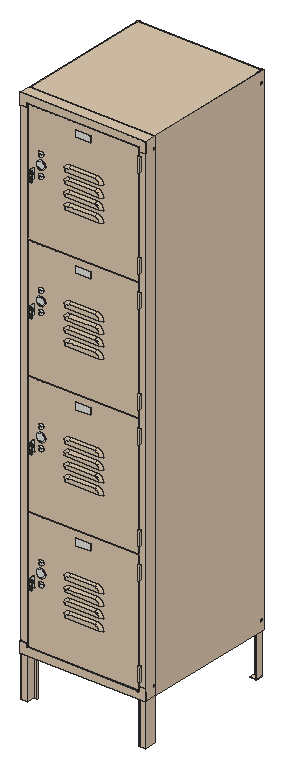
Revit family "Metal_Lockers-Salsbury_Industries-18_54000_Series-1_Wide_Units", category Specialty Equipment, Revit 2026 (continued)
Definition of nested family "Metal Locker Doors-18 inch with Latch Hasps"
  Forms (in)
    Extrusion 3, void
      from -0.163 to 0.163
    Extrusion 4, solid, material <- "Primary Structure Material", visible <- "Visible", detail levels fine
      sketch origin (0, 0, 16.235) x (0, -1, 0) y (1, 0, 0)
        loop
          line (0.45, 7.9505) -> (0.575, 7.9505)
          arc (0.575, 7.9505) -> (0.7, 8.0755) -> (0.575, 8.2005) r 0.125
          line (0.575, 8.2005) -> (0.45, 8.2005) -> (0.45, 7.9505)
      from 0 to -2
    Extrusion 5, solid, material <- "Primary Structure Material", visible <- "Visible", detail levels fine
      sketch origin (0, 0, 3.218) x (0, -1, 0) y (1, 0, 0)
        loop
          line (0.45, 7.9505) -> (0.575, 7.9505)
          arc (0.575, 7.9505) -> (0.7, 8.0755) -> (0.575, 8.2005) r 0.125
          line (0.575, 8.2005) -> (0.45, 8.2005) -> (0.45, 7.9505)
      from 0 to -2
    Extrusion 6, void
      sketch origin (0, -0.45, 0) x (1, 0, 0) y (0, 0, 1)
        loop
          line (-7.263, 9.399) -> (-7.263, 7.961) -> (-7.013, 7.961) -> (-7.013, 9.399) -> (-7.263, 9.399)
      from -0.9 to 0
    Blend 7, solid, material <- "Primary Structure Material", visible <- "Visible"
      base sketch origin (0.875, -0.45, 3.057) x (1, 0, 0) y (0, 0, 1)
        loop
          line (-3.75, 7.593) -> (2, 7.593)
          arc (2, 7.593) -> (1.70711, 8.30011) -> (1, 8.593) r 1
          line (1, 8.593) -> (-2.75, 8.593)
          arc (-2.75, 8.593) -> (-3.45711, 8.30011) -> (-3.75, 7.593) r 1
      top sketch origin (0.875, -0.6375, 3.057) x (1, 0, 0) y (0, 0, 1)
        loop
          line (-3.30734, 7.593) -> (1.55734, 7.593)
          arc (1.55734, 7.593) -> (1.39259, 7.99075) -> (0.99484, 8.1555) r 0.5625
          line (0.99484, 8.1555) -> (-2.74484, 8.1555)
          arc (-2.74484, 8.1555) -> (-3.14259, 7.99075) -> (-3.30734, 7.593) r 0.5625
      from 0 to 0
    Blend 8, solid, material <- "Primary Structure Material", visible <- "Visible"
      base sketch origin (0.875, -0.45, 4.501) x (1, 0, 0) y (0, 0, 1)
        loop
          line (-3.75, 4.524) -> (2, 4.524)
          arc (2, 4.524) -> (1.70711, 5.23111) -> (1, 5.524) r 1
          line (1, 5.524) -> (-2.75, 5.524)
          arc (-2.75, 5.524) -> (-3.45711, 5.23111) -> (-3.75, 4.524) r 1
      top sketch origin (0.875, -0.6375, 4.501) x (1, 0, 0) y (0, 0, 1)
        loop
          line (-3.30734, 4.524) -> (1.55734, 4.524)
          arc (1.55734, 4.524) -> (1.39612, 4.91321) -> (1.00691, 5.07443) r 0.55043
          line (1.00691, 5.07443) -> (-2.75691, 5.07443)
          arc (-2.75691, 5.07443) -> (-3.14612, 4.91321) -> (-3.30734, 4.524) r 0.55043
      from 0 to 0
    Blend 9, solid, material <- "Primary Structure Material", visible <- "Visible"
      base sketch origin (0.875, -0.45, -0.193) x (1, 0, 0) y (0, 0, 1)
        loop
          line (-3.75, 7.593) -> (2, 7.593)
          arc (2, 7.593) -> (1.70711, 8.30011) -> (1, 8.593) r 1
          line (1, 8.593) -> (-2.75, 8.593)
          arc (-2.75, 8.593) -> (-3.45711, 8.30011) -> (-3.75, 7.593) r 1
      top sketch origin (0.875, -0.6375, -0.193) x (1, 0, 0) y (0, 0, 1)
        loop
          line (-3.30734, 7.593) -> (1.55734, 7.593)
          arc (1.55734, 7.593) -> (1.40401, 7.96317) -> (1.03384, 8.1165) r 0.5235
          line (1.03384, 8.1165) -> (-2.78384, 8.1165)
          arc (-2.78384, 8.1165) -> (-3.15401, 7.96317) -> (-3.30734, 7.593) r 0.5235
      from 0 to 0
    Blend 10, solid, material <- "Primary Structure Material", visible <- "Visible"
      base sketch origin (0.875, -0.45, 1.251) x (1, 0, 0) y (0, 0, 1)
        loop
          line (-3.75, 4.524) -> (2, 4.524)
          arc (2, 4.524) -> (1.70711, 5.23111) -> (1, 5.524) r 1
          line (1, 5.524) -> (-2.75, 5.524)
          arc (-2.75, 5.524) -> (-3.45711, 5.23111) -> (-3.75, 4.524) r 1
      top sketch origin (0.875, -0.6375, 1.251) x (1, 0, 0) y (0, 0, 1)
        loop
          line (-3.30734, 4.524) -> (1.55734, 4.524)
          arc (1.55734, 4.524) -> (1.39629, 4.9128) -> (1.00749, 5.07385) r 0.54985
          line (1.00749, 5.07385) -> (-2.75749, 5.07385)
          arc (-2.75749, 5.07385) -> (-3.14629, 4.9128) -> (-3.30734, 4.524) r 0.54985
      from 0 to 0
    Blend 11, solid, material <- "Hasp Plate Rivet Material", visible <- "Visible", detail levels medium+fine
      base sketch origin (0, -0.45, 0) x (1, 0, 0) y (0, 0, 1)
        loop
          circle (-6.076, 8.68) r 0.375
      top sketch origin (0, -0.45, 0) x (1, 0, 0) y (0, 0, 1)
        loop
          circle (-6.076, 8.68) r 0.09706
      from 0 to 0.03497
    Blend 12, solid, material <- "Hasp Plate Rivet Material", visible <- "Visible", detail levels medium+fine
      base sketch origin (0, -0.45, 2.83682) x (1, 0, 0) y (0, 0, 1)
        loop
          circle (-6.076, 8.68) r 0.375
      top sketch origin (0, -0.45, 2.83682) x (1, 0, 0) y (0, 0, 1)
        loop
          circle (-6.076, 8.68) r 0.09706
      from 0 to 0.03497
    Blend 13, solid, material <- "Hasp Plate Rivet Material", visible <- "Visible", detail levels medium+fine
      base sketch origin (0, -0.45, -0.16841) x (1, 0, 0) y (0, 0, 1)
        loop
          circle (-6.076, 10.26682) r 0.625
      top sketch origin (0, -0.45, -0.16841) x (1, 0, 0) y (0, 0, 1)
        loop
          circle (-6.076, 10.26682) r 0.58088
      from 0 to 0.03497
    Extrusion 14, solid, material <- "Hasp Plate Rivet Material", visible <- "Visible"
      sketch origin (0, 0, 7.961) x (0, -1, 0) y (1, 0, 0)
        loop
          line (-0.45, -7.07527) -> (-0.45, -7.13777) -> (1.2, -7.13777)
          arc (1.2, -7.13777) -> (1.24419, -7.11946) -> (1.2625, -7.07527) r 0.0625
          line (1.2625, -7.07527) -> (1.2625, -6.76277) -> (1.20579, -6.76277) -> (1.20579, -7.0127)
          arc (1.20579, -7.0127) -> (1.18746, -7.05694) -> (1.14322, -7.07527) r 0.06257
          line (1.14322, -7.07527) -> (-0.45, -7.07527)
      from 0 to 1.438
    Extrusion 15, solid, material <- "Hasp Plate Rivet Material", visible <- "Visible"
      sketch origin (0, 0, 7.961) x (0, -1, 0) y (1, 0, 0)
        loop
          line (-0.45, -7.20027) -> (1.2625, -7.20027) -> (1.2625, -7.13777) -> (-0.45, -7.13777) -> (-0.45, -7.20027)
      from 0 to 1.438
    Extrusion 16, void
      sketch origin (-7.013, 0, 0) x (0, 0, -1) y (0, -1, 0)
        loop
          circle (-8.68, 0.82219) r 0.375
      from 0 to 0.25
  Cuts and joins
    Extrusion 3, Extrusion 6 cuts Extrusion 1
    Extrusion 16 cuts Extrusion 14
    Extrusion 16 cuts Extrusion 15
  Lines and regions (in)
    symbolic lines
      curve 1: line (-7.9505, -0.45, 17.36) -> (7.9505, -0.45, 17.36)
      curve 2: line (-7.9505, -0.45, 0) -> (-7.9505, -0.45, 17.36)
      curve 3: line (7.9505, -0.45, 0) -> (-7.9505, -0.45, 0)
      curve 4: line (7.9505, -0.45, 17.36) -> (7.9505, -0.45, 0)
      curve 5: line (2.43234, -0.6375, 7.961) -> (2.875, -0.45, 7.961)
      curve 6: line (-2.43234, -0.6375, 7.961) -> (-2.875, -0.45, 7.961)
      curve 7: line (-2.43234, -0.6375, 7.961) -> (2.43234, -0.6375, 7.961)
      curve 8: line (-2.875, -0.45, 10.65) -> (2.875, -0.45, 10.65)
      curve 9: line (1.875, -0.45, 11.65) -> (-1.875, -0.45, 11.65)
      curve 10: line (-2.875, -0.45, 9.025) -> (2.875, -0.45, 9.025)
      curve 11: line (1.875, -0.45, 10.025) -> (-1.875, -0.45, 10.025)
      curve 12: line (-2.875, -0.45, 7.4) -> (2.875, -0.45, 7.4)
      curve 13: line (1.875, -0.45, 8.4) -> (-1.875, -0.45, 8.4)
      curve 14: line (-2.875, -0.45, 5.775) -> (2.875, -0.45, 5.775)
      curve 15: line (1.875, -0.45, 6.775) -> (-1.875, -0.45, 6.775)
      curve 16: arc (-2.875, -0.45, 10.65) -> (-2.58211, -0.45, 11.35711) -> (-1.875, -0.45, 11.65) r 1
      curve 17: arc (2.875, -0.45, 10.65) -> (2.58211, -0.45, 11.35711) -> (1.875, -0.45, 11.65) r 1
      curve 18: arc (-2.875, -0.45, 9.025) -> (-2.58211, -0.45, 9.73211) -> (-1.875, -0.45, 10.025) r 1
      curve 19: arc (2.875, -0.45, 9.025) -> (2.58211, -0.45, 9.73211) -> (1.875, -0.45, 10.025) r 1
      curve 20: arc (-2.875, -0.45, 7.4) -> (-2.58211, -0.45, 8.10711) -> (-1.875, -0.45, 8.4) r 1
      curve 21: arc (2.875, -0.45, 7.4) -> (2.58211, -0.45, 8.10711) -> (1.875, -0.45, 8.4) r 1
      curve 22: arc (-2.875, -0.45, 5.775) -> (-2.58211, -0.45, 6.48211) -> (-1.875, -0.45, 6.775) r 1
      curve 23: arc (2.875, -0.45, 5.775) -> (2.58211, -0.45, 6.48211) -> (1.875, -0.45, 6.775) r 1
      curve 24: line (-7.013, -1.2625, 9.399) -> (-7.013, -0.45, 9.399)
      curve 25: line (-7.013, -1.2625, 7.961) -> (-7.013, -0.45, 7.961)
      curve 26: line (-7.013, -1.2625, 9.399) -> (-7.013, -1.2625, 7.961)
      curve 27: line (-7.20027, -0.44719, 7.961) -> (-7.13777, -0.44719, 7.961)
      curve 28: line (-7.20027, -1.2625, 7.961) -> (-7.20027, -0.44719, 7.961)
      curve 29: line (-7.13777, -1.2625, 7.961) -> (-7.20027, -1.2625, 7.961)
      curve 30: line (-7.13777, -0.44719, 7.961) -> (-7.13777, -1.2625, 7.961)
      curve 31: line (-7.07527, -0.44719, 7.961) -> (-7.07527, -1.14322, 7.961)
      curve 32: line (-7.0127, -1.20579, 7.961) -> (-6.76277, -1.20579, 7.961)
      curve 33: line (-6.76277, -1.20579, 7.961) -> (-6.76277, -1.2625, 7.961)
      curve 34: line (-6.76277, -1.2625, 7.961) -> (-7.07527, -1.2625, 7.961)
      curve 35: arc (-7.07527, -1.2625, 7.961) -> (-7.11946, -1.24419, 7.961) -> (-7.13777, -1.2, 7.961) r 0.0625
      curve 36: arc (-7.07527, -1.14322, 7.961) -> (-7.05694, -1.18746, 7.961) -> (-7.0127, -1.20579, 7.961) r 0.06257
      curve 37: line (-7.20027, -0.45, 9.399) -> (-6.76277, -0.45, 9.399)
      curve 38: line (-7.20027, -0.45, 7.961) -> (-7.20027, -0.45, 9.399)
      curve 39: line (-6.76277, -0.45, 7.961) -> (-7.20027, -0.45, 7.961)
      curve 40: line (-6.76277, -0.45, 9.399) -> (-6.76277, -0.45, 7.961)
      curve 41: line (-7.13777, -0.45, 9.399) -> (-7.13777, -0.45, 7.961)
      curve 42: circle (-6.076, -0.45, 10.09841) r 0.625 normal (0, -1, 0)
      curve 43: circle (-6.076, -0.45, 11.51682) r 0.37228 normal (0, -1, 0)
      curve 44: circle (-6.076, -0.45, 8.68) r 0.375 normal (0, -1, 0)
  Dimensions and locks (in)
    equal spacing: plane 5 "Top of Door", plane 4 "Center (Top/Bottom)", plane 2 "Bottom of Door"
    "Height": plane 5 "Top of Door" to plane 2 "Bottom of Door"
    equal spacing: plane 8 "Front of Door", plane 1 "Center (Front/Back)", plane 9 "Back of Door"
    "Depth": plane 8 "Front of Door" to plane 9 "Back of Door"
    equal spacing: plane 7 "Left Side of Door", plane 3 "Center (Left/Right)", plane 6 "Right Side of Door"
    "Width": plane 7 "Left Side of Door" to plane 6 "Right Side of Door"
    "Number Plate Alignment": plane 5 "Top of Door" to plane 10 "Top of Number Plate" to plane 22
    equal spacing: plane 17 "Left Side of Louvers", plane 3 "Center (Left/Right)", plane 18 "Right Side of Louvers"
    "Louver Width": plane 17 "Left Side of Louvers" to plane 18 "Right Side of Louvers"
    "Louver Set Vertical Alignment": plane 5 "Top of Door" to plane 11 "Top of Top Vent 1"
    plane 11 "Top of Top Vent 1" to plane 12 "Top of Top Vent 2" to plane 13 "Top of Top Vent 3" to plane 14 "Top of Top Vent 4" = 1.625", 1.625", 1.625"
    plane 29 "Top Hasp Stud Align" to plane 28 "Center Hasp Stud Align" to plane 15 "Top of Hasp Alignment" to plane 4 "Center (Top/Bottom)" to plane 16 "Bottom of Hasp Alignment" = 1.41841", 0.69941", 0.719", 0.719"
    "Hasp Height": plane 15 "Top of Hasp Alignment" to plane 16 "Bottom of Hasp Alignment"
    locked: plane 19 "Front of Louvers" to plane 8 "Front of Door" at 0.1875
    plane 20 to plane 3 "Center (Left/Right)" to plane 21 = 1.094" locked, 1.094" locked
    "Hinge 1 Placement": plane 5 "Top of Door" to plane 25 "Top of Hinge 1"
    "Hinge 2 Placement": plane 5 "Top of Door" to plane 24 "Top of Hinge 2"
    plane 7 "Left Side of Door" to plane 26 "Left Hasp Hole Align" to plane 27 "Right Hasp Hole Align" to plane 30 "Vertical Hasp Stud Align" = 0.6875" locked, 0.250" locked, 0.937" locked
    plane 11 "Top of Top Vent 1" to plane 31 = 1.000"
    plane 12 "Top of Top Vent 2" to plane 32 = 1.000"
    plane 13 "Top of Top Vent 3" to plane 33 = 1.000"
    plane 14 "Top of Top Vent 4" to plane 34 = 1.000"
    locked: plane 36 to plane 35 "Vertical Center Hasp Align" at 0.0625
    locked: plane 35 "Vertical Center Hasp Align" to plane 37 at 0.375
    locked: plane 26 "Left Hasp Hole Align" to plane 35 "Vertical Center Hasp Align" at 0.12523
    plane 17 "Left Side of Louvers" to plane 39 = 0.44266"
    plane 38 to plane 18 "Right Side of Louvers" = 0.44266"
    aligned and locked: level to plane 2 "Bottom of Door"
    aligned and locked: plane 5 "Top of Door" to Extrusion 1 sketch curve
    aligned and locked: Extrusion 1 sketch curve to plane 7 "Left Side of Door"
    aligned and locked: Extrusion 1 sketch curve to plane 2 "Bottom of Door"
    aligned and locked: plane 6 "Right Side of Door" to Extrusion 1 sketch curve
    aligned and locked: Extrusion 6 sketch curve to plane 15 "Top of Hasp Alignment"
    aligned and locked: Extrusion 6 sketch curve to plane 26 "Left Hasp Hole Align"
    aligned and locked: plane 16 "Bottom of Hasp Alignment" to Extrusion 6 sketch curve
    aligned and locked: plane 27 "Right Hasp Hole Align" to Extrusion 6 sketch curve
    aligned and locked: plane 11 "Top of Top Vent 1" to Blend 7
    aligned and locked: plane 12 "Top of Top Vent 2" to Blend 8
    aligned and locked: plane 13 "Top of Top Vent 3" to Blend 9
    aligned and locked: plane 14 "Top of Top Vent 4" to Blend 10
    aligned and locked: Blend 7 to plane 31
    aligned and locked: Blend 7 sketch curve to plane 11 "Top of Top Vent 1"
    aligned and locked: Blend 7 sketch curve to plane 31  (x2)
    aligned and locked: Blend 8 sketch curve to plane 12 "Top of Top Vent 2"
    aligned and locked: Blend 8 sketch curve to plane 32  (x2)
    aligned and locked: Blend 9 sketch curve to plane 13 "Top of Top Vent 3"
    aligned and locked: Blend 9 sketch curve to plane 33  (x2)
    aligned and locked: Blend 10 sketch curve to plane 14 "Top of Top Vent 4"
    aligned and locked: Blend 10 sketch curve to plane 34  (x2)
    aligned and locked: plane 29 "Top Hasp Stud Align" to Blend 12 sketch curve  (x2)
    aligned and locked: plane 4 "Center (Top/Bottom)" to Blend 11 sketch curve  (x2)
    aligned and locked: plane 28 "Center Hasp Stud Align" to Blend 13 sketch curve  (x2)
    aligned and locked: plane 35 "Vertical Center Hasp Align" to Extrusion 15 sketch curve
    aligned and locked: plane 35 "Vertical Center Hasp Align" to Extrusion 14 sketch curve
    aligned and locked: plane 4 "Center (Top/Bottom)" to Extrusion 16 sketch curve
    aligned and locked: plane 36 to cut or joined group of Extrusion 15, Extrusion 16
    aligned and locked: plane 37 to cut or joined group of Extrusion 14, Extrusion 16
    aligned and locked: curve 1 to cut or joined group of Extrusion 1, Extrusion 3, Extrusion 6
    aligned and locked: curve 2 to cut or joined group of Extrusion 1, Extrusion 3, Extrusion 6
    aligned and locked: curve 3 to cut or joined group of Extrusion 1, Extrusion 3, Extrusion 6
    aligned and locked: curve 4 to cut or joined group of Extrusion 1, Extrusion 3, Extrusion 6
    aligned and locked: curve 5 to Blend 8
    aligned and locked: curve 6 to Blend 8
    aligned and locked: curve 8 to Blend 7
    aligned and locked: curve 9 to Blend 7
    aligned and locked: curve 10 to Blend 8
    aligned and locked: curve 11 to Blend 8
    aligned and locked: curve 12 to Blend 9
    aligned and locked: curve 13 to Blend 9
    aligned and locked: curve 14 to Blend 10
    aligned and locked: curve 15 to Blend 10
    aligned and locked: curve 24 to cut or joined group of Extrusion 14, Extrusion 16
    aligned and locked: curve 25 to cut or joined group of Extrusion 14, Extrusion 16
    aligned and locked: curve 26 to cut or joined group of Extrusion 14, Extrusion 16
    aligned and locked: curve 28 to cut or joined group of Extrusion 15, Extrusion 16
    aligned and locked: curve 29 to cut or joined group of Extrusion 15, Extrusion 16
    aligned and locked: cut or joined group of Extrusion 15, Extrusion 16 to curve 30
    aligned and locked: cut or joined group of Extrusion 14, Extrusion 16 to curve 31
    aligned and locked: curve 32 to cut or joined group of Extrusion 14, Extrusion 16
    aligned and locked: curve 33 to cut or joined group of Extrusion 14, Extrusion 16
    aligned and locked: curve 34 to cut or joined group of Extrusion 14, Extrusion 16
    aligned and locked: curve 37 to cut or joined group of Extrusion 15, Extrusion 16
    aligned and locked: curve 38 to cut or joined group of Extrusion 15, Extrusion 16
    aligned and locked: curve 39 to cut or joined group of Extrusion 14, Extrusion 16
    aligned and locked: curve 40 to cut or joined group of Extrusion 14, Extrusion 16
    aligned and locked: curve 41 to cut or joined group of Extrusion 14, Extrusion 16
  Automatic sketch dimensions
    Extrusion 2 sketch curve to plane 3 "Center (Left/Right)" = 0.000"  (x2)
    plane 17 "Left Side of Louvers" to Extrusion 2 sketch curve = 0.14094"
    Extrusion 2 sketch curve to plane 18 "Right Side of Louvers" = 0.14094"
    Extrusion 2 sketch curve to level = 4.03954"
    plane 25 "Top of Hinge 1" to Extrusion 2 sketch curve = 0.31079"  (x2)
    Extrusion 2 sketch curve to plane 5 "Top of Door" = 12.81272"
    Extrusion 2 sketch curve to plane 20 = 0.02553"  (x2)
    plane 21 to Extrusion 2 sketch curve = 0.02553"
    Extrusion 2 sketch curve to plane 22 = 0.03897"
    plane 13 "Top of Top Vent 3" to Extrusion 3 sketch curve = 0.06135"
    Extrusion 3 sketch curve to plane 1 "Center (Front/Back)" = 0.0313"
    Extrusion 4 sketch curve to plane 6 "Right Side of Door" = 0.000"
    plane 8 "Front of Door" to Extrusion 4 sketch curve = 0.000"
    Extrusion 4 sketch curve to plane 19 "Front of Louvers" = 0.0625"
    Extrusion 4 sketch curve to plane 6 "Right Side of Door" = 0.125"
    Extrusion 5 sketch curve to plane 6 "Right Side of Door" = 0.000"
    plane 8 "Front of Door" to Extrusion 5 sketch curve = 0.000"
    Extrusion 5 sketch curve to plane 19 "Front of Louvers" = 0.0625"
    Extrusion 5 sketch curve to plane 6 "Right Side of Door" = 0.125"
    plane 17 "Left Side of Louvers" to Blend 7 sketch curve = 0.000"
    plane 18 "Right Side of Louvers" to Blend 7 sketch curve = 0.000"
    plane 23 "Center Hasp" to Blend 7 sketch curve = 0.65684"
    plane 20 to Blend 7 sketch curve = 0.77584"
    Blend 7 sketch curve to plane 21 = 0.77584"
    plane 17 "Left Side of Louvers" to Blend 8 sketch curve = 0.000"
    plane 18 "Right Side of Louvers" to Blend 8 sketch curve = 0.000"
    plane 23 "Center Hasp" to Blend 8 sketch curve = 0.65684"
    plane 20 to Blend 8 sketch curve = 0.78791"
    Blend 8 sketch curve to plane 21 = 0.78791"
    plane 17 "Left Side of Louvers" to Blend 9 sketch curve = 0.000"
    plane 18 "Right Side of Louvers" to Blend 9 sketch curve = 0.000"
    plane 23 "Center Hasp" to Blend 9 sketch curve = 0.65684"
    plane 16 "Bottom of Hasp Alignment" to Blend 9 sketch curve = 0.0375"
    Blend 9 sketch curve to plane 21 = 0.81484"
    plane 17 "Left Side of Louvers" to Blend 10 sketch curve = 0.000"
    plane 18 "Right Side of Louvers" to Blend 10 sketch curve = 0.000"
    plane 23 "Center Hasp" to Blend 10 sketch curve = 0.65684"
    plane 20 to Blend 10 sketch curve = 0.78849"
    Blend 10 sketch curve to plane 21 = 0.78849"
    plane 30 "Vertical Hasp Stud Align" to Blend 11 sketch curve = 0.000"  (x2)
    plane 30 "Vertical Hasp Stud Align" to Blend 12 sketch curve = 0.000"  (x2)
    plane 30 "Vertical Hasp Stud Align" to Blend 13 sketch curve = 0.000"  (x2)
    Extrusion 14 sketch curve to plane 1 "Center (Front/Back)" = 0.450"
    plane 27 "Right Hasp Hole Align" to Extrusion 14 sketch curve = 0.06227"
    Extrusion 14 sketch curve to plane 27 "Right Hasp Hole Align" = 0.0003"
    plane 19 "Front of Louvers" to Extrusion 14 sketch curve = 0.50572"
    Extrusion 14 sketch curve to Extrusion 14 sketch curve = 0.05678"
    Extrusion 14 sketch curve to Extrusion 14 sketch curve = 0.24993"
    plane 9 "Back of Door" to Extrusion 15 sketch curve = 0.000"
    plane 19 "Front of Louvers" to Extrusion 15 sketch curve = 0.625"
    Extrusion 15 sketch curve to plane 26 "Left Hasp Hole Align" = 0.06273"
    Extrusion 14 sketch curve to Extrusion 14 sketch curve = 0.06257"
    plane 19 "Front of Louvers" to Extrusion 16 sketch curve = 0.18469"
    curve 24 to plane 8 "Front of Door" = 0.000"
    curve 25 to plane 8 "Front of Door" = 0.000"
    curve 6 to plane 17 "Left Side of Louvers" = 0.000"
    curve 5 to plane 18 "Right Side of Louvers" = 0.000"
    curve 5 to plane 38 = 0.000"
    curve 30 to plane 8 "Front of Door" = 0.00281"
    curve 36 to plane 27 "Right Hasp Hole Align" = 0.0003"
    curve 36 to curve 35 = 0.05678"
    curve 31 to plane 8 "Front of Door" = 0.00281"
    curve 43 to plane 29 "Top Hasp Stud Align" = 0.000"
    plane 30 "Vertical Hasp Stud Align" to curve 43 = 0.000"
    curve 42 to plane 28 "Center Hasp Stud Align" = 0.000"
    plane 30 "Vertical Hasp Stud Align" to curve 42 = 0.000"
    curve 44 to plane 4 "Center (Top/Bottom)" = 0.000"
    plane 30 "Vertical Hasp Stud Align" to curve 44 = 0.000"
    plane 17 "Left Side of Louvers" to curve 20 = 0.000"
    plane 17 "Left Side of Louvers" to curve 10 = 0.000"
    plane 17 "Left Side of Louvers" to curve 14 = 0.000"
    plane 17 "Left Side of Louvers" to curve 8 = 0.000"
    plane 18 "Right Side of Louvers" to curve 23 = 0.000"
    plane 18 "Right Side of Louvers" to curve 10 = 0.000"
    plane 18 "Right Side of Louvers" to curve 21 = 0.000"
    plane 18 "Right Side of Louvers" to curve 17 = 0.000"
    radius of Extrusion 3 sketch curve = 0.200"
    radius of Blend 11 sketch curve = 0.375"
    radius of Blend 11 sketch curve = 0.09706"
    radius of Blend 12 sketch curve = 0.375"
    radius of Blend 12 sketch curve = 0.09706"
    radius of Blend 13 sketch curve = 0.625"
    radius of Blend 13 sketch curve = 0.58088"
    radius of Extrusion 16 sketch curve = 0.375"
    radius of curve 42 = 0.625"
    radius of curve 43 = 0.37228"
    radius of curve 44 = 0.375"
Definition of nested family "Metal Locker Front Base"
  Parameters (values of type "77748 - for 18" W Lockers with Legs")
    Width = 16.013"
    Visible [instance] = yes
    Version = "1.0 (11/30/15)"
    Type Comments = "Front Base for Standard Metal Lockers"
    Primary Structure Material = none
    Model = "77748"
    MasterFormat Title = ""
    MasterFormat Number = ""
    Manufacturer = "Salsbury Industries"
    Description = "Front Base for 18\" Wide Lockers"
    Depth = 1.185"
    Height = 6.000"
    Default Elevation = 0.000"
    Assembly Code = ""
  Types (4): name | Width | Visible | Model | Description
    77742 - for 12" W Lockers with Legs | 10.040" | yes | "77742" | "Front Base for 12\" Wide Lockers"
    77745 - for 15" W Lockers with Legs | 13.013" | yes | "77745" | "Front Base for 15\" Wide Lockers"
    None | 10.040" | no | "77742" | "Front Base for 12\" Wide Lockers"
    77748 - for 18" W Lockers with Legs | 16.013" | yes | "77748" | "Front Base for 18\" Wide Lockers"
  Reference planes (in)
    plane 1 "Center (Front/Back)": y = -5.417
    plane 2: z = 0
    plane 3 "Center (Left/Right)": x = 0
    plane 4 "Floor": z = 0
    plane 5 "Top of Enclosure": z = 6
    plane 6 "Front of Enclosure": y = -6.005
    plane 7 "Right Side of Enclosure": x = 8.0065
    plane 8 "Left Side of Enclosure": x = -8.0065
    plane 9 "Back of Enclosure": y = -4.82
  Forms (in)
    Extrusion 1, solid, material <- "Primary Structure Material", visible <- "Visible"
      sketch origin (0, -6.005, 0) x (1, 0, 0) y (0, 0, 1)
        loop
          line (-8.0065, 6) -> (-8.0065, 0) -> (8.0065, 0) -> (8.0065, 6) -> (-8.0065, 6)
      from -0.06 to 0
    Extrusion 2, solid, material <- "Primary Structure Material", visible <- "Visible"
      sketch origin (0, 0, 0) x (0, 1, 0) y (0, 0, 1)
        loop
          line (-5.945, 6) -> (-5.945, 5.94) -> (-4.82, 5.94) -> (-4.82, 6) -> (-5.945, 6)
      from -8.0065 to 8.0065
    Extrusion 3, solid, material <- "Primary Structure Material", visible <- "Visible"
      sketch origin (8.0065, 0, 0) x (0, 0, -1) y (0, -1, 0)
        loop
          line (-5.75, 5.945) -> (-5.75, 4.82) -> (-0.25, 4.82) -> (-0.25, 5.945) -> (-5.75, 5.945)
      from 0 to 0.06
    Extrusion 4, solid, material <- "Primary Structure Material", visible <- "Visible"
      sketch origin (-8.0065, 0, 0) x (0, 0, -1) y (0, -1, 0)
        loop
          line (-5.75, 5.945) -> (-5.75, 4.82) -> (-0.25, 4.82) -> (-0.25, 5.945) -> (-5.75, 5.945)
      from 0 to -0.06
  Dimensions and locks (in)
    "Height": plane 5 "Top of Enclosure" to plane 4 "Floor"
    plane 6 "Front of Enclosure" to plane 1 "Center (Front/Back)" = 0.588"
    "Depth": plane 6 "Front of Enclosure" to plane 9 "Back of Enclosure"
    equal spacing: plane 8 "Left Side of Enclosure", plane 3 "Center (Left/Right)", plane 7 "Right Side of Enclosure"
    "Width": plane 8 "Left Side of Enclosure" to plane 7 "Right Side of Enclosure"
    aligned and locked: level to plane 2
    aligned and locked: plane 8 "Left Side of Enclosure" to Extrusion 2
    aligned and locked: Extrusion 2 to plane 7 "Right Side of Enclosure"
    aligned and locked: Extrusion 1 to plane 7 "Right Side of Enclosure"
  Automatic sketch dimensions
    Extrusion 1 sketch curve to Extrusion 1 sketch curve = 16.013"
    Extrusion 1 sketch curve to Extrusion 1 sketch curve = 6.000"
    Extrusion 2 sketch curve to Extrusion 2 sketch curve = 1.125"
    Extrusion 2 sketch curve to Extrusion 2 sketch curve = 0.060"
    Extrusion 3 sketch curve to Extrusion 3 sketch curve = 5.500"
    Extrusion 3 sketch curve to Extrusion 3 sketch curve = 1.125"
    Extrusion 4 sketch curve to Extrusion 4 sketch curve = 5.500"
    Extrusion 4 sketch curve to Extrusion 4 sketch curve = 1.125"
    Extrusion 1 sketch curve to level = 0.000"
    plane 8 "Left Side of Enclosure" to Extrusion 1 sketch curve = 0.000"
    plane 5 "Top of Enclosure" to Extrusion 2 sketch curve = 0.000"
    Extrusion 2 sketch curve to plane 9 "Back of Enclosure" = 0.000"
    Extrusion 3 sketch curve to plane 9 "Back of Enclosure" = 0.000"
    plane 5 "Top of Enclosure" to Extrusion 3 sketch curve = 0.250"
    Extrusion 4 sketch curve to plane 9 "Back of Enclosure" = 0.000"
    plane 5 "Top of Enclosure" to Extrusion 4 sketch curve = 0.250"
Definition of nested family "Metal Locker Right Side Base"
  Parameters (values of type "77731 Right - for 21" D Lockers with Legs")
    Width including Rivet [instance] = 1.290"
    Visible = yes
    Primary Structure Material = none
    Depth = 19.422"
    Version = "1.0 (11/30/15)"
    Type Comments = "End Base for Standard Metal Lockers"
    Model = "77731"
    MasterFormat Title = ""
    MasterFormat Number = ""
    Manufacturer = "Salsbury Industries"
    Description = "1.25\"W x 6\" H x 19\"D"
    Width = 1.250"
    Height = 6.000"
    Default Elevation = 0.000"
    Assembly Code = ""
  Types (5): name | Visible | Depth | Model | Description
    77732 Right - for 12" D Lockers with Legs | yes | 10.422" | "77732" | "1.25\"W x 6\" H x 10\"D"
    77735 Right - for 15" D Lockers with Legs | yes | 13.422" | "77735" | "1.25\"W x 6\" H x 13\"D"
    77738 Right - for 18" D Lockers with Legs | yes | 16.422" | "77738" | "1.25\"W x 6\" H x 16\"D"
    None | no | 10.422" | "" | ""
    77731 Right - for 21" D Lockers with Legs | yes | 19.422" | "77731" | "1.25\"W x 6\" H x 19\"D"
  Reference planes (in)
    plane 1 "Center (Front/Back)": y = 0
    plane 2: z = 0
    plane 3 "Center (Left/Right)": x = 5.395
    plane 4 "Floor": z = 0
    plane 5 "Top of Enclosure": z = 6
    plane 6 "Left Side of Unit": x = 4.77
    plane 7 "Right Side of Unit": x = 6.02
    plane 8 "Left Edge of Enclosure": y = -9.711
    plane 9 "Right Edge of Enclosure": y = 9.711
    plane 10 "Left Edge of Insert": y = -10.77647
    plane 11 "Right Edge of Insert": y = -9.65147
    plane 12 "Rivet Edge": x = 6.06
  Forms (in)
    Extrusion 1, solid, material <- "Primary Structure Material", visible <- "Visible"
      sketch origin (6.02, 0, 0) x (0, 0, -1) y (0, -1, 0)
        loop
          line (-6, 9.711) -> (-6, -9.711) -> (0, -9.711) -> (0, 9.711) -> (-6, 9.711)
      from 0 to 0.06
    Extrusion 2, solid, material <- "Primary Structure Material", visible <- "Visible"
      sketch origin (0, 0, 6) x (0, -1, 0) y (1, 0, 0)
        loop
          line (9.65147, 5.96) -> (9.65147, 5.9) -> (10.77647, 5.9) -> (10.77647, 5.96) -> (9.65147, 5.96)
      from -6 to 0
    Extrusion 3, solid, material <- "Primary Structure Material", visible <- "Visible"
      sketch origin (6.02, 0, 0) x (0, 0, -1) y (0, -1, 0)
        loop
          line (-6, 9.40147) -> (-6, -8.461) -> (-5.94, -8.461) -> (-5.94, 9.40147) -> (-6, 9.40147)
      from 0.06 to 1.25
    Extrusion 4, solid, material <- "Primary Structure Material", visible <- "Visible"
      sketch origin (6.02, 0, -5.94) x (0, 0, -1) y (0, -1, 0)
        loop
          line (-6, 9.40147) -> (-6, -8.461) -> (-5.94, -8.461) -> (-5.94, 9.40147) -> (-6, 9.40147)
      from 0.06 to 1.25
  Dimensions and locks (in)
    "Height": plane 5 "Top of Enclosure" to plane 4 "Floor"
    plane 10 "Left Edge of Insert" to plane 8 "Left Edge of Enclosure" to plane 11 "Right Edge of Insert" = 1.06547" locked, 0.05953" locked
    equal spacing: plane 8 "Left Edge of Enclosure", plane 1 "Center (Front/Back)", plane 9 "Right Edge of Enclosure"
    "Depth": plane 8 "Left Edge of Enclosure" to plane 9 "Right Edge of Enclosure"
    equal spacing: plane 6 "Left Side of Unit", plane 3 "Center (Left/Right)", plane 7 "Right Side of Unit"
    "Width": plane 6 "Left Side of Unit" to plane 7 "Right Side of Unit"
    locked: plane 7 "Right Side of Unit" to plane 12 "Rivet Edge" at 0.04
    "Width including Rivet": plane 6 "Left Side of Unit" to plane 12 "Rivet Edge"
    aligned and locked: level to plane 2
    aligned and locked: plane 11 "Right Edge of Insert" to Extrusion 2
    aligned and locked: plane 10 "Left Edge of Insert" to Extrusion 2
    aligned and locked: Extrusion 3 to Extrusion 1
    aligned and locked: plane 6 "Left Side of Unit" to Extrusion 3
  Automatic sketch dimensions
    plane 5 "Top of Enclosure" to Extrusion 1 sketch curve = 0.000"
    Extrusion 1 sketch curve to level = 0.000"
    Extrusion 2 sketch curve to plane 8 "Left Edge of Enclosure" = 0.05953"
    plane 7 "Right Side of Unit" to Extrusion 2 sketch curve = 0.120"
    Extrusion 2 sketch curve to Extrusion 2 sketch curve = 0.060"
    Extrusion 1 sketch curve to plane 8 "Left Edge of Enclosure" = 0.000"
    Extrusion 1 sketch curve to plane 9 "Right Edge of Enclosure" = 0.000"
    plane 10 "Left Edge of Insert" to Extrusion 2 sketch curve = 0.000"
    plane 5 "Top of Enclosure" to Extrusion 3 sketch curve = 0.000"
    Extrusion 3 sketch curve to Extrusion 3 sketch curve = 0.060"
    plane 9 "Right Edge of Enclosure" to Extrusion 3 sketch curve = 1.250"
    Extrusion 3 sketch curve to plane 11 "Right Edge of Insert" = 0.250"
    Extrusion 4 sketch curve to level = 0.000"
    level to Extrusion 4 sketch curve = 0.060"
    plane 9 "Right Edge of Enclosure" to Extrusion 4 sketch curve = 1.250"
    Extrusion 4 sketch curve to plane 11 "Right Edge of Insert" = 0.250"
Definition of nested family "Metal Locker Left Side Base"
  Parameters (values of type "77731 Left - for 21" D Lockers with Legs")
    Width including Rivet [instance] = 1.290"
    Visible = yes
    Primary Structure Material = none
    Depth = 19.422"
    Version = "1.0 (11/30/15)"
    Type Comments = "End Base for Standard Metal Lockers"
    Model = "77731"
    MasterFormat Title = ""
    MasterFormat Number = ""
    Manufacturer = "Salsbury Industries"
    Description = "1.25\"W x 6\" H x 19\"D"
    Width = 1.250"
    Height = 6.000"
    Default Elevation = 0.000"
    Assembly Code = ""
  Types (5): name | Visible | Depth | Model | Description
    77732 Left - for 12" D Lockers with Legs | yes | 10.422" | "77732" | "1.25\"W x 6\" H x 10\"D"
    77735 Left - for 15" D Lockers with Legs | yes | 13.422" | "77735" | "1.25\"W x 6\" H x 13\"D"
    77738 Left - for 18" D Lockers with Legs | yes | 16.422" | "77738" | "1.25\"W x 6\" H x 16\"D"
    None | no | 10.422" | "" | ""
    77731 Left - for 21" D Lockers with Legs | yes | 19.422" | "77731" | "1.25\"W x 6\" H x 19\"D"
  Reference planes (in)
    plane 1 "Center (Front/Back)": y = 0
    plane 2: z = 0
    plane 3 "Center (Left/Right)": x = 5.395
    plane 4 "Floor": z = 0
    plane 5 "Top of Enclosure": z = 6
    plane 6 "Left Side of Unit": x = 4.77
    plane 7 "Right Side of Unit": x = 6.02
    plane 8 "Left Edge of Enclosure": y = -9.711
    plane 9 "Right Edge of Enclosure": y = 9.711
    plane 10 "Left Edge of Insert": y = -10.77647
    plane 11 "Right Edge of Insert": y = -9.65147
    plane 12 "Edge of Rivet": x = 4.73
  Forms (in)
    Extrusion 1, solid, material <- "Primary Structure Material", visible <- "Visible"
      sketch origin (6.02, 0, 0) x (0, 0, -1) y (0, -1, 0)
        loop
          line (-6, 9.40147) -> (-6, -8.461) -> (-5.94, -8.461) -> (-5.94, 9.40147) -> (-6, 9.40147)
      from 0 to 1.19
    Extrusion 2, solid, material <- "Primary Structure Material", visible <- "Visible"
      sketch origin (6.02, 0, -5.94) x (0, 0, -1) y (0, -1, 0)
        loop
          line (-6, 9.40147) -> (-6, -8.461) -> (-5.94, -8.461) -> (-5.94, 9.40147) -> (-6, 9.40147)
      from 0 to 1.19
    Extrusion 3, solid, material <- "Primary Structure Material", visible <- "Visible"
      sketch origin (4.77, 0, 0) x (0, 0, -1) y (0, 1, 0)
        loop
          line (-6, -9.711) -> (0, -9.711) -> (0, 9.711) -> (-6, 9.711) -> (-6, -9.711)
      from 0 to 0.06
    Extrusion 4, solid, material <- "Primary Structure Material", visible <- "Visible"
      sketch origin (10.79, 0, 6) x (0, -1, 0) y (1, 0, 0)
        loop
          line (9.65147, -5.96) -> (10.77647, -5.96) -> (10.77647, -5.9) -> (9.65147, -5.9) -> (9.65147, -5.96)
      from -6 to 0
  Dimensions and locks (in)
    "Height": plane 5 "Top of Enclosure" to plane 4 "Floor"
    plane 10 "Left Edge of Insert" to plane 8 "Left Edge of Enclosure" to plane 11 "Right Edge of Insert" = 1.06547" locked, 0.05953" locked
    equal spacing: plane 8 "Left Edge of Enclosure", plane 1 "Center (Front/Back)", plane 9 "Right Edge of Enclosure"
    "Depth": plane 8 "Left Edge of Enclosure" to plane 9 "Right Edge of Enclosure"
    equal spacing: plane 6 "Left Side of Unit", plane 3 "Center (Left/Right)", plane 7 "Right Side of Unit"
    "Width": plane 6 "Left Side of Unit" to plane 7 "Right Side of Unit"
    "Width including Rivet": plane 12 "Edge of Rivet" to plane 7 "Right Side of Unit"
    plane 12 "Edge of Rivet" to plane 6 "Left Side of Unit" = 0.040"
    aligned and locked: level to plane 2
    aligned and locked: Extrusion 1 to Extrusion 3
    aligned and locked: Extrusion 2 to Extrusion 3
  Automatic sketch dimensions
    plane 5 "Top of Enclosure" to Extrusion 1 sketch curve = 0.000"
    Extrusion 1 sketch curve to Extrusion 1 sketch curve = 0.060"
    plane 9 "Right Edge of Enclosure" to Extrusion 1 sketch curve = 1.250"
    Extrusion 1 sketch curve to plane 11 "Right Edge of Insert" = 0.250"
    Extrusion 2 sketch curve to level = 0.000"
    level to Extrusion 2 sketch curve = 0.060"
    plane 9 "Right Edge of Enclosure" to Extrusion 2 sketch curve = 1.250"
    Extrusion 2 sketch curve to plane 11 "Right Edge of Insert" = 0.250"
    plane 5 "Top of Enclosure" to Extrusion 3 sketch curve = 0.000"
    Extrusion 3 sketch curve to level = 0.000"
    Extrusion 3 sketch curve to plane 8 "Left Edge of Enclosure" = 0.000"
    Extrusion 3 sketch curve to plane 9 "Right Edge of Enclosure" = 0.000"
    plane 11 "Right Edge of Insert" to Extrusion 4 sketch curve = 0.000"
    plane 10 "Left Edge of Insert" to Extrusion 4 sketch curve = 0.000"
    plane 6 "Left Side of Unit" to Extrusion 4 sketch curve = 0.120"
    Extrusion 4 sketch curve to Extrusion 4 sketch curve = 0.060"
Definition of nested family "Metal Locker Zee Base"
  Parameters (values of type "77571 - 18"W x 21"D")
    Width = 18.040"
    Visible = yes
    Version = "1.0 (11/30/15)"
    Type Comments = "Zee Base Kit for Standard Metal Lockers - No Legs"
    Primary Structure Material = none
    Model = "77571"
    MasterFormat Title = ""
    MasterFormat Number = ""
    Manufacturer = "Salsbury Industries"
    Description = "4\" H x 6' L - for 21\" Deep Lockers (Includes 6 Foot Front Base, 2 End Bases, Corner Splicer and 4 Rear Legs)"
    Depth = 21.010"
    Height = 4.000"
    Default Elevation = 0.000"
    Assembly Code = ""
  Types (9): name | Width | Visible | Model | Description | Depth
    77572- 12" W x 12" D | 12.040" | yes | "77572" | "4\" H x 6' L - for 12\" Deep Lockers (Includes 6 Foot Front Base, 2 End Bases, Corner Splicer and 4 Rear Legs)" | 12.010"
    77575 - 12" W x 15" D | 12.040" | yes | "77575" | "4\" H x 6' L - for 15\" Deep Lockers (Includes 6 Foot Front Base, 2 End Bases, Corner Splicer and 4 Rear Legs)" | 15.010"
    77578 - 12"W x 18"D | 12.040" | yes | "77578" | "4\" H x 6' L - for 18\" Deep Lockers (Includes 6 Foot Front Base, 2 End Bases, Corner Splicer and 4 Rear Legs)" | 18.010"
    77575 - 15"W x 15"D | 15.040" | yes | "77575" | "4\" H x 6' L - for 15\" Deep Lockers (Includes 6 Foot Front Base, 2 End Bases, Corner Splicer and 4 Rear Legs)" | 15.010"
    77578 - 15"W x 18"D | 15.040" | yes | "77578" | "4\" H x 6' L - for 18\" Deep Lockers (Includes 6 Foot Front Base, 2 End Bases, Corner Splicer and 4 Rear Legs)" | 18.010"
    None | 12.040" | no | "77572" | "4\" H x 6' L - for 12\" Deep Lockers (Includes 6 Foot Front Base, 2 End Bases, Corner Splicer and 4 Rear Legs)" | 12.010"
    77578 - 12"W x 18" D (Bridge) | 12.007" | yes | "77578" | "4\" H x 6' L - for 18\" Deep Lockers (Includes 6 Foot Front Base, 2 End Bases, Corner Splicer and 4 Rear Legs)" | 18.010"
    77578 - 18"W x 18"D | 18.040" | yes | "77578" | "4\" H x 6' L - for 18\" Deep Lockers (Includes 6 Foot Front Base, 2 End Bases, Corner Splicer and 4 Rear Legs)" | 18.010"
    77571 - 18"W x 21"D | 18.040" | yes | "77571" | "4\" H x 6' L - for 21\" Deep Lockers (Includes 6 Foot Front Base, 2 End Bases, Corner Splicer and 4 Rear Legs)" | 21.010"
  Reference planes (in)
    plane 1 "Center (Front/Back)": y = 0
    plane 2: z = 0
    plane 3 "Center (Left/Right)": x = 0
    plane 4 "Floor": z = 0
    plane 5 "Bottom of Unit": z = 4
    plane 6 "Left Side of Unit": x = -9.02
    plane 7 "Right Side of Unit": x = 9.02
    plane 8 "Back of Unit": y = 10.505
    plane 9 "Front of Unit": y = -10.505
    plane 10 "Right Side of Door Opening": x = 8.02
    plane 11 "Left Side of Door Opening": x = -8.02
    plane 12 "Top of back legs": z = 4.185
    plane 13 "Back Edge of Front Facing": y = -8.917
    plane 14 "Inside Edge of Front Leg": x = -7.58
    plane 15 "Inside Edge of Right Leg": x = 7.58
    plane 16: y = -9.32
    plane 17 "Back Edge of Rear Legs": y = 10.395
    plane 18 "Right Edge of Rear Right Leg": x = 8.9
    plane 19 "Left Edge or Rear Left Leg": x = -8.9
    plane 20: y = 9.395
    plane 21 "Inside Edge or Rear Right Leg": x = 7.9
    plane 22 "Inside Edge or Left Rear Leg": x = -7.9
  Forms (in)
    Extrusion 1, solid, material <- "Primary Structure Material", visible <- "Visible"
      sketch origin (0, 0, 0) x (0, -1, 0) y (1, 0, 0)
        loop
          line (-10.395, 8.9) -> (-10.395, 7.9) -> (-10.335, 7.9) -> (-10.335, 8.84) -> (-9.395, 8.84) -> (-9.395, 8.9) -> (-10.395, 8.9)
      from 0.06 to 4.185
    Extrusion 2, solid, material <- "Primary Structure Material", visible <- "Visible"
      sketch origin (0, 0, 0) x (0, -1, 0) y (1, 0, 0)
        loop
          line (-10.395, 8.9) -> (-10.395, 7.9) -> (-9.395, 7.9) -> (-9.395, 8.9) -> (-10.395, 8.9)
      from 0 to 0.06
    Extrusion 3, solid, material <- "Primary Structure Material", visible <- "Visible"
      sketch origin (0, 0, 0) x (0, -1, 0) y (1, 0, 0)
        loop
          line (-10.395, -8.9) -> (-9.395, -8.9) -> (-9.395, -8.84) -> (-10.335, -8.84) -> (-10.335, -7.9) -> (-10.395, -7.9) -> (-10.395, -8.9)
      from 0.06 to 4.185
    Extrusion 4, solid, material <- "Primary Structure Material", visible <- "Visible"
      sketch origin (0, 0, 0) x (0, -1, 0) y (1, 0, 0)
        loop
          line (-10.395, -8.9) -> (-9.395, -8.9) -> (-9.395, -7.9) -> (-10.395, -7.9) -> (-10.395, -8.9)
      from 0 to 0.06
    Extrusion 5, solid, material <- "Primary Structure Material", visible <- "Visible"
      sketch origin (0, 0, 0) x (0, 1, 0) y (0, 0, 1)
        loop
          line (-10.505, 4) -> (-10.505, 3.94) -> (-8.917, 3.94) -> (-8.917, 0) -> (-7.269, 0) -> (-7.269, 0.06) -> (-8.857, 0.06) -> (-8.857, 4) -> (-10.505, 4)
      from -9.02 to 9.02
  Dimensions and locks (in)
    equal spacing: plane 6 "Left Side of Unit", plane 3 "Center (Left/Right)", plane 7 "Right Side of Unit"
    "Width": plane 6 "Left Side of Unit" to plane 7 "Right Side of Unit"
    "Height": plane 5 "Bottom of Unit" to plane 4 "Floor"
    equal spacing: plane 9 "Front of Unit", plane 1 "Center (Front/Back)", plane 8 "Back of Unit"
    "Depth": plane 9 "Front of Unit" to plane 8 "Back of Unit"
    plane 12 "Top of back legs" to plane 5 "Bottom of Unit" = 0.185"
    plane 6 "Left Side of Unit" to plane 11 "Left Side of Door Opening" = 1.000"
    plane 10 "Right Side of Door Opening" to plane 7 "Right Side of Unit" = 1.000"
    locked: plane 9 "Front of Unit" to plane 13 "Back Edge of Front Facing" at 1.588
    plane 11 "Left Side of Door Opening" to plane 14 "Inside Edge of Front Leg" = 0.440"
    plane 15 "Inside Edge of Right Leg" to plane 10 "Right Side of Door Opening" = 0.440"
    plane 9 "Front of Unit" to plane 16 = 1.185"
    plane 15 "Inside Edge of Right Leg" to plane 21 "Inside Edge or Rear Right Leg" to plane 10 "Right Side of Door Opening" to plane 18 "Right Edge of Rear Right Leg" to plane 7 "Right Side of Unit" = 0.320", 0.120", 0.880", 0.120"
    plane 6 "Left Side of Unit" to plane 19 "Left Edge or Rear Left Leg" to plane 11 "Left Side of Door Opening" to plane 22 "Inside Edge or Left Rear Leg" to plane 14 "Inside Edge of Front Leg" = 0.120", 0.880", 0.120", 0.320"
    plane 20 to plane 17 "Back Edge of Rear Legs" to plane 8 "Back of Unit" = 1.000", 0.110"
    aligned and locked: level to plane 2
    aligned and locked: Extrusion 1 to Extrusion 2
    aligned and locked: Extrusion 4 to Extrusion 3
    aligned and locked: Extrusion 1 to plane 18 "Right Edge of Rear Right Leg"
    aligned and locked: Extrusion 1 to plane 17 "Back Edge of Rear Legs"
    aligned and locked: Extrusion 3 to plane 19 "Left Edge or Rear Left Leg"
    aligned and locked: Extrusion 3 to plane 17 "Back Edge of Rear Legs"
    aligned and locked: Extrusion 1 to plane 12 "Top of back legs"
    aligned and locked: Extrusion 3 to plane 12 "Top of back legs"
    aligned and locked: Extrusion 5 to plane 7 "Right Side of Unit"
    aligned and locked: plane 6 "Left Side of Unit" to Extrusion 5
  Automatic sketch dimensions
    plane 17 "Back Edge of Rear Legs" to Extrusion 1 sketch curve = 0.000"
    Extrusion 1 sketch curve to plane 21 "Inside Edge or Rear Right Leg" = 0.000"
    Extrusion 1 sketch curve to plane 18 "Right Edge of Rear Right Leg" = 0.000"
    plane 20 to Extrusion 1 sketch curve = 0.000"
    plane 17 "Back Edge of Rear Legs" to Extrusion 1 sketch curve = 0.060"
    plane 18 "Right Edge of Rear Right Leg" to Extrusion 1 sketch curve = 0.060"
    plane 17 "Back Edge of Rear Legs" to Extrusion 2 sketch curve = 0.000"
    Extrusion 2 sketch curve to plane 18 "Right Edge of Rear Right Leg" = 0.000"
    plane 20 to Extrusion 2 sketch curve = 0.000"
    Extrusion 2 sketch curve to plane 21 "Inside Edge or Rear Right Leg" = 0.000"
    plane 17 "Back Edge of Rear Legs" to Extrusion 3 sketch curve = 0.000"
    Extrusion 3 sketch curve to plane 22 "Inside Edge or Left Rear Leg" = 0.000"
    Extrusion 3 sketch curve to plane 19 "Left Edge or Rear Left Leg" = 0.000"
    plane 20 to Extrusion 3 sketch curve = 0.000"
    Extrusion 3 sketch curve to plane 17 "Back Edge of Rear Legs" = 0.060"
    Extrusion 3 sketch curve to plane 19 "Left Edge or Rear Left Leg" = 0.060"
    plane 17 "Back Edge of Rear Legs" to Extrusion 4 sketch curve = 0.000"
    Extrusion 4 sketch curve to plane 19 "Left Edge or Rear Left Leg" = 0.000"
    plane 20 to Extrusion 4 sketch curve = 0.000"
    Extrusion 4 sketch curve to plane 22 "Inside Edge or Left Rear Leg" = 0.000"
    Extrusion 5 sketch curve to plane 9 "Front of Unit" = 0.000"
    Extrusion 5 sketch curve to level = 0.000"
    Extrusion 5 sketch curve to plane 13 "Back Edge of Front Facing" = 0.000"
    plane 5 "Bottom of Unit" to Extrusion 5 sketch curve = 0.000"
    Extrusion 5 sketch curve to plane 13 "Back Edge of Front Facing" = 0.060"
    Extrusion 5 sketch curve to Extrusion 5 sketch curve = 1.588"
    level to Extrusion 5 sketch curve = 0.060"
    plane 5 "Bottom of Unit" to Extrusion 5 sketch curve = 0.060"
Definition of nested family "Metal Locker Zee Base-Right Side"
  Parameters (values of type "77571 Right - 21" D")
    Width including Rivet [instance] = 1.290"
    Visible = yes
    Primary Structure Material = none
    Depth = 19.362"
    Version = "1.0 (11/30/15)"
    Type Comments = "Zee Base Kit for Standard Metal Lockers - No Legs"
    Model = "77571"
    MasterFormat Title = ""
    MasterFormat Number = ""
    Manufacturer = "Salsbury Industries"
    Description = "4\" H x 6' L - for 21\" Deep Lockers (Includes 6 Foot Front Base, 2 End Bases, Corner Splicer and 4 Rear Legs)"
    Width = 4.000"
    Height = 4.000"
    Default Elevation = 0.000"
    Assembly Code = ""
  Types (5): name | Visible | Depth | Type Comments | Model | Description
    77572 Right - 12" D | yes | 10.362" | "Zee Base Kit for Standard Metal Lockers - No Legs" | "77572" | "4\" H x 6' L - for 12\" Deep Lockers (Includes 6 Foot Front Base, 2 End Bases, Corner Splicer and 4 Rear Legs)"
    77575 Right - 15" D | yes | 13.362" | "Zee Base Kit for Standard Metal Lockers - No Legs" | "77575" | "4\" H x 6' L - for 15\" Deep Lockers (Includes 6 Foot Front Base, 2 End Bases, Corner Splicer and 4 Rear Legs)"
    77578 Right - 18" D | yes | 16.362" | "Zee Base Kit for Standard Metal Lockers - No Legs" | "77578" | "4\" H x 6' L - for 18\" Deep Lockers (Includes 6 Foot Front Base, 2 End Bases, Corner Splicer and 4 Rear Legs)"
    None | no | 10.362" | "End Base for Standard Metal Lockers" | "" | ""
    77571 Right - 21" D | yes | 19.362" | "Zee Base Kit for Standard Metal Lockers - No Legs" | "77571" | "4\" H x 6' L - for 21\" Deep Lockers (Includes 6 Foot Front Base, 2 End Bases, Corner Splicer and 4 Rear Legs)"
  Reference planes (in)
    plane 1 "Center (Front/Back)": y = 0
    plane 2: z = 0
    plane 3 "Center (Left/Right)": x = 3.99
    plane 4 "Floor": z = 0
    plane 5 "Top of Enclosure": z = 4
    plane 6 "Left Edge of Insert": x = 4.77
    plane 7 "Right Side of Unit": x = 5.99
    plane 8 "Left Edge of Enclosure": y = -9.681
    plane 9 "Right Edge of Enclosure": y = 9.681
    plane 10 "Bottom Edge of Enclosure": z = 0.06
    plane 11 "Left Edge of Base": x = 1.99
  Forms (in)
    Extrusion 1, solid, material <- "Primary Structure Material", visible <- "Visible"
      sketch origin (5.99, 0, 0) x (0, 0, -1) y (0, -1, 0)
        loop
          line (-4, 8.43967) -> (-4, -8.431) -> (-3.94, -8.431) -> (-3.94, 8.43967) -> (-4, 8.43967)
      from 0.06 to 1.22
    Extrusion 2, solid, material <- "Primary Structure Material", visible <- "Visible"
      sketch origin (0, 0, 0) x (0, -1, 0) y (1, 0, 0)
        loop
          line (-9.681, 1.99) -> (-9.621, 1.99) -> (-9.621, 5.93) -> (9.621, 5.93) -> (9.621, 1.99) -> (9.681, 1.99) -> (9.681, 5.99) -> (-9.681, 5.99) -> (-9.681, 1.99)
      from 0.06 to 4
  Dimensions and locks (in)
    "Height": plane 5 "Top of Enclosure" to plane 4 "Floor"
    equal spacing: plane 8 "Left Edge of Enclosure", plane 1 "Center (Front/Back)", plane 9 "Right Edge of Enclosure"
    "Depth": plane 8 "Left Edge of Enclosure" to plane 9 "Right Edge of Enclosure"
    "Width": plane 11 "Left Edge of Base" to plane 7 "Right Side of Unit"
    equal spacing: plane 11 "Left Edge of Base", plane 3 "Center (Left/Right)", plane 7 "Right Side of Unit"
    locked: plane 4 "Floor" to plane 10 "Bottom Edge of Enclosure" at 0.06
    aligned and locked: level to plane 2
    aligned and locked: plane 6 "Left Edge of Insert" to Extrusion 1
    aligned and locked: Extrusion 2 to plane 9 "Right Edge of Enclosure"
    aligned and locked: Extrusion 2 to plane 10 "Bottom Edge of Enclosure"
    aligned and locked: Extrusion 2 to plane 11 "Left Edge of Base"
  Automatic sketch dimensions
    plane 5 "Top of Enclosure" to Extrusion 1 sketch curve = 0.000"
    Extrusion 1 sketch curve to Extrusion 1 sketch curve = 0.060"
    plane 9 "Right Edge of Enclosure" to Extrusion 1 sketch curve = 1.250"
    Extrusion 1 sketch curve to plane 8 "Left Edge of Enclosure" = 1.24133"
    Extrusion 2 sketch curve to plane 7 "Right Side of Unit" = 0.000"
    plane 9 "Right Edge of Enclosure" to Extrusion 2 sketch curve = 0.000"
    plane 6 "Left Edge of Insert" to Extrusion 2 sketch curve = 2.780"  (x2)
    Extrusion 2 sketch curve to Extrusion 2 sketch curve = 0.060"
    plane 7 "Right Side of Unit" to Extrusion 2 sketch curve = 0.060"
    Extrusion 2 sketch curve to plane 8 "Left Edge of Enclosure" = 0.060"
    Extrusion 2 sketch curve to plane 8 "Left Edge of Enclosure" = 0.000"
Definition of nested family "Metal Locker Zee Base-Left Side"
  Parameters (values of type "77571 Left- 21" D")
    Width including Rivet [instance] = 1.290"
    Visible = yes
    Primary Structure Material = none
    Depth = 19.362"
    Version = "1.0 (11/30/15)"
    Type Comments = "Zee Base Kit for Standard Metal Lockers - No Legs"
    Model = "77571"
    MasterFormat Title = ""
    MasterFormat Number = ""
    Manufacturer = "Salsbury Industries"
    Description = "4\" H x 6' L - for 21\" Deep Lockers (Includes 6 Foot Front Base, 2 End Bases, Corner Splicer and 4 Rear Legs)"
    Width = 4.000"
    Height = 4.000"
    Default Elevation = 0.000"
    Assembly Code = ""
  Types (5): name | Visible | Depth | Type Comments | Model | Description
    77572 Left - 12" D | yes | 10.362" | "Zee Base Kit for Standard Metal Lockers - No Legs" | "77572" | "4\" H x 6' L - for 12\" Deep Lockers (Includes 6 Foot Front Base, 2 End Bases, Corner Splicer and 4 Rear Legs)"
    77575 Left - 15" D | yes | 13.362" | "Zee Base Kit for Standard Metal Lockers - No Legs" | "77575" | "4\" H x 6' L - for 15\" Deep Lockers (Includes 6 Foot Front Base, 2 End Bases, Corner Splicer and 4 Rear Legs)"
    77578 Left- 18" D | yes | 16.362" | "Zee Base Kit for Standard Metal Lockers - No Legs" | "77578" | "4\" H x 6' L - for 18\" Deep Lockers (Includes 6 Foot Front Base, 2 End Bases, Corner Splicer and 4 Rear Legs)"
    None | no | 10.362" | "End Base for Standard Metal Lockers" | "" | ""
    77571 Left- 21" D | yes | 19.362" | "Zee Base Kit for Standard Metal Lockers - No Legs" | "77571" | "4\" H x 6' L - for 21\" Deep Lockers (Includes 6 Foot Front Base, 2 End Bases, Corner Splicer and 4 Rear Legs)"
  Reference planes (in)
    plane 1 "Center (Front/Back)": y = 0
    plane 2: z = 0
    plane 3 "Center (Left/Right)": x = 3.99
    plane 4 "Floor": z = 0
    plane 5 "Top of Enclosure": z = 4
    plane 6 "Right Side of Unit": x = 5.99
    plane 7 "Left Edge of Enclosure": y = -9.681
    plane 8 "Right Edge of Enclosure": y = 9.681
    plane 9 "Bottom Edge of Enclosure": z = 0.06
    plane 10 "Left Edge of Base": x = 1.99
    plane 11 "Right Edge of Inser": x = 3.21
  Forms (in)
    Extrusion 1, solid, material <- "Primary Structure Material", visible <- "Visible"
      sketch origin (7.98, 0, 0) x (0, -1, 0) y (1, 0, 0)
        loop
          line (-9.681, -1.99) -> (-9.681, -5.99) -> (9.681, -5.99) -> (9.681, -1.99) -> (9.621, -1.99) -> (9.621, -5.93) -> (-9.621, -5.93) -> (-9.621, -1.99) -> (-9.681, -1.99)
      from 0.06 to 4
    Extrusion 2, solid, material <- "Primary Structure Material", visible <- "Visible"
      sketch origin (1.99, 0, 0) x (0, 0, -1) y (0, 1, 0)
        loop
          line (-4, -8.43967) -> (-3.94, -8.43967) -> (-3.94, 8.431) -> (-4, 8.431) -> (-4, -8.43967)
      from 0.06 to 1.22
  Dimensions and locks (in)
    "Height": plane 5 "Top of Enclosure" to plane 4 "Floor"
    equal spacing: plane 7 "Left Edge of Enclosure", plane 1 "Center (Front/Back)", plane 8 "Right Edge of Enclosure"
    "Depth": plane 7 "Left Edge of Enclosure" to plane 8 "Right Edge of Enclosure"
    "Width": plane 10 "Left Edge of Base" to plane 6 "Right Side of Unit"
    equal spacing: plane 10 "Left Edge of Base", plane 3 "Center (Left/Right)", plane 6 "Right Side of Unit"
    locked: plane 4 "Floor" to plane 9 "Bottom Edge of Enclosure" at 0.06
    aligned and locked: level to plane 2
    aligned and locked: Extrusion 1 to plane 10 "Left Edge of Base"
  Automatic sketch dimensions
    plane 8 "Right Edge of Enclosure" to Extrusion 1 sketch curve = 0.000"
    Extrusion 1 sketch curve to plane 6 "Right Side of Unit" = 0.000"  (x2)
    plane 7 "Left Edge of Enclosure" to Extrusion 1 sketch curve = 0.000"
    Extrusion 1 sketch curve to plane 10 "Left Edge of Base" = 0.000"
    Extrusion 1 sketch curve to Extrusion 1 sketch curve = 0.060"
    plane 7 "Left Edge of Enclosure" to Extrusion 1 sketch curve = 0.060"
    plane 10 "Left Edge of Base" to Extrusion 1 sketch curve = 0.060"
    plane 5 "Top of Enclosure" to Extrusion 2 sketch curve = 0.000"
    Extrusion 2 sketch curve to Extrusion 2 sketch curve = 0.060"
    Extrusion 2 sketch curve to plane 7 "Left Edge of Enclosure" = 1.24133"
    plane 8 "Right Edge of Enclosure" to Extrusion 2 sketch curve = 1.250"
Definition of nested family "Metal Locker Zee Base Corner"
  Parameters (values of type "77572, 77575, 77578, 77571")
    Width = 2.000"
    Visible = yes
    Version = "1.0 (11/30/15)"
    Type Comments = "Zee Base Kit for Standard Metal Lockers - No Legs"
    Primary Structure Material = none
    Model = "n/a"
    Manufacturer = "Salsbury Industries"
    Height = 3.940"
    Description = "4\" H x 6' L - for 12\" Deep Lockers (Includes 6 Foot Front Base, 2 End Bases, Corner Splicer and 4 Rear Legs)"
    Depth = 2.000"
    Default Elevation = 0.000"
  Types (2): name | Visible
    77572, 77575, 77578, 77571 | yes
    None | no
  Reference planes (in)
    plane 1 "Center (Front/Back)": y = 0
    plane 2 "Bottom of Component": z = 0
    plane 3 "Center (Left/Right)": x = 0
    plane 4: z = 3.94
    plane 5: x = -1
    plane 6: x = 1
    plane 7 "Front": y = -1
    plane 8 "Back": y = 1
  Forms (in)
    Extrusion 1, solid, material <- "Primary Structure Material", visible <- "Visible"
      sketch origin (0, 0, 0) x (1, 0, 0) y (0, 1, 0)
        loop
          line (-1, 1) -> (-1, 0.94) -> (0.94, 0.94) -> (0.94, -1) -> (1, -1) -> (1, 1) -> (-1, 1)
      from 0 to 3.94
  Dimensions and locks (in)
    "Height": plane 4 to plane 2 "Bottom of Component"
    equal spacing: plane 5, plane 3 "Center (Left/Right)", plane 6
    "Width": plane 5 to plane 6
    equal spacing: plane 7 "Front", plane 1 "Center (Front/Back)", plane 8 "Back"
    "Depth": plane 7 "Front" to plane 8 "Back"
    aligned and locked: plane 2 "Bottom of Component" to level
  Automatic sketch dimensions
    Extrusion 1 sketch curve to plane 5 = 0.000"
    plane 7 "Front" to Extrusion 1 sketch curve = 0.000"
    Extrusion 1 sketch curve to plane 6 = 0.000"
    plane 8 "Back" to Extrusion 1 sketch curve = 0.000"
    plane 6 to Extrusion 1 sketch curve = 0.060"
    Extrusion 1 sketch curve to Extrusion 1 sketch curve = 0.060"
Definition of nested family "Metal Locker End Panel"
  Parameters (values of type "77361 - for 6' H X 21" D Lockers")
    Width = 0.925"
    Visible = yes
    Version = "1.0 (11/30/15)"
    Type Comments = "Finished End Panel for Standard Metal Lockers"
    Primary Structure Material = none
    Model = "77361"
    MasterFormat Title = ""
    MasterFormat Number = ""
    Manufacturer = "Salsbury Industries"
    Height = 72.000"
    Description = "End Panel for 6' H x 21\" Deep Lockers"
    Depth = 21.010"
    Default Elevation = 0.000"
    Assembly Code = ""
  Types (8): name | Visible | Model | Height | Description | Depth
    77362 - for 6' H x 12" D Lockers | yes | "77362" | 72.000" | "End Panel for 6' H x 12\" Deep Lockers" | 12.010"
    77365 - for 6' H x 15" D Lockers | yes | "77365" | 72.000" | "End Panel for 6' H x 15\" Deep Lockers" | 15.010"
    77368 - for 6' H X 18" D Lockers | yes | "77368" | 72.000" | "End Panel for 6' H x 18\" Deep Lockers" | 18.010"
    77352 - for 5' H x 12" D Lockers | yes | "77352" | 60.000" | "End Panel for 5' H x 12\" Deep Lockers" | 12.010"
    77355 - for 5' H x 15" D Lockers | yes | "77355" | 60.000" | "End Panel for 5' H x 15\" Deep Lockers" | 15.010"
    77358 - for 5' H x 18" D Lockers | yes | "77358" | 60.000" | "End Panel for 5' H x 18\" Deep Lockers" | 18.010"
    None | no | "n/a" | 72.000" | "" | 12.010"
    77361 - for 6' H X 21" D Lockers | yes | "77361" | 72.000" | "End Panel for 6' H x 21\" Deep Lockers" | 21.010"
  Reference planes (in)
    plane 1 "Center (Front/Back)": y = -2.167
    plane 2: z = 0
    plane 3 "Center (Left/Right)": x = -4.595
    plane 4 "Bottom of Panel": z = 0
    plane 5 "Top of Panel": z = 72
    plane 6 "Front of Panel": y = -12.672
    plane 7 "Right Side of Enclosure": x = -4.1325
    plane 8 "Left Side of Enclosure": x = -5.0575
    plane 9 "Back of Panel": y = 8.338
    plane 10: z = 36
    plane 11: z = 70.283
    plane 12: z = 1.717
    plane 13 "Outside Edge of Front Flap": y = -12.73214
    plane 14 "Outside Edge of Back Flap": y = 8.398
  Forms (in)
    Extrusion 1, solid, material <- "Primary Structure Material", visible <- "Visible"
      sketch origin (-4.1325, 0.48244, 0) x (0, 0, -1) y (0, -1, 0)
        loop
          line (-72, 13.21458) -> (-72, -7.91556) -> (0, -7.91556) -> (0, 13.21458) -> (-72, 13.21458)
      from 0 to -0.06
